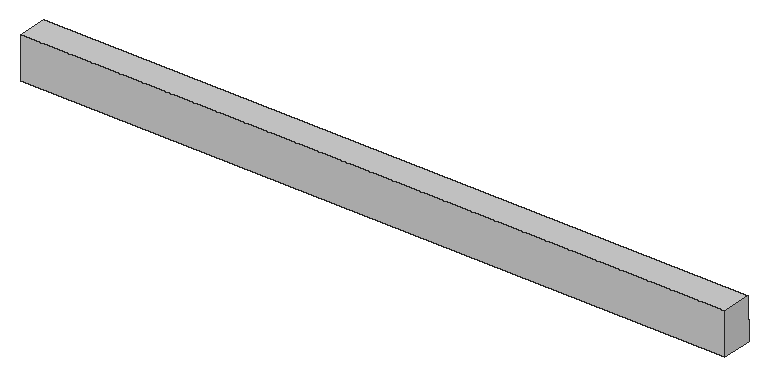
Revit family "Lum_Teto_Tubular_1_Sobrepor", category Lighting Fixtures, host Ceiling, Revit 2025
Family settings
  Host = Ceiling
  Round Connector Dimension = Use Diameter
  Part Type = Normal
  OmniClass Number = 23.80.70.11
  OmniClass Title = Luminaries for Internal Lighting
  Always vertical = Yes
  Cut with Voids When Loaded = No
  Light Source = Yes
  Maintain Annotation Orientation = No
  Shared = No
  Room Calculation Point = No
Parameters (values of type "Luminária_Tubular_Sobrepor_1_Lâmpada")
  Wattage = 9.2903 W
  built-in parameter 1150110 = 1 (stored number, unit not read)
  built-in parameter 1114217 = 1 (stored number, unit not read)
  built-in parameter 1150109 = 1 (stored number, unit not read)
  Lumi_Material = CT_Luminaria
  Lumi_Largura_Interna = Lumi_Largura - 10 mm  # 40 mm
  Lumi_Largura = 50 mm
  Lumi_Comprimento = 1200 mm
  Lumi_Altura = 70 mm
  Emit from Line Length = Lumi_Comprimento - 100 mm  # 1100 mm
  Default Elevation = 0 mm
  built-in parameter 1150134 = (empty or 0)
  built-in parameter 1150113 = 1 (stored number, unit not read)
  Lumens = 1380 lm
  built-in parameter 1150115 = 1 (stored number, unit not read)
  built-in parameter 1150105 = 439.27 (stored number, unit not read)
  Light Source Symbol Size = 30 mm
  built-in parameter 1150137 = (empty or 0)
  built-in parameter 1150139 = (empty or 0)
  built-in parameter 1150112 = 1 (stored number, unit not read)
  built-in parameter 1150114 = 1 (stored number, unit not read)
  built-in parameter 1150132 = 2
  built-in parameter 1150102 = (empty or 0)
  built-in parameter 1150138 = (empty or 0)
  built-in parameter 1150107 = 3000 (stored number, unit not read)
  built-in parameter 1150106 = 4.3927 (stored number, unit not read)
  built-in parameter 1150104 = 13.8 (stored number, unit not read)
  Dimming Lamp Color Temperature Shift = <None>
  Color Filter = 16777215
  built-in parameter 1114218 = 1 (stored number, unit not read)
  built-in parameter 1150133 = 10 (stored number, unit not read)
Reference planes
  plane 1 "Eixo de origem da luz (F/T)": y = 0
  plane 2: z = 0
  plane 3 "Eixo de origem da luz (E/D)": x = 0
  plane 4 "Forro": z = 4000
  plane 5 "Elevação da origem da luz": z = 3930
  plane 6 "Tubo_E": x = -550
  plane 7 "Tubo_D": x = 550
Forms (mm)
  Extrusion 1, solid, material "CT_Luminaria" <- "Lumi_Material"
    sketch origin (0, 0, 4000) x (0, 1, 0) y (-1, 0, 0)
      loop
        line (25, 600) -> (-25, 600) -> (-25, -600) -> (25, -600) -> (25, 600)
    from 0 to -70
  Extrusion 2, void
    sketch origin (550, 0, 0) x (0, 1, 0) y (0, 0, 1)
      loop
        line (-20, 3930) -> (20, 3930) -> (20, 3946.124)
        arc (20, 3946.124) -> (-0.003, 3948.533) -> (-20, 3946.072) r 83.356
        line (-20, 3946.072) -> (-20, 3930)
    from 0 to -1100
Dimensions and locks
  equal spacing: host sketch curve, plane 3 "Eixo de origem da luz (E/D)", host sketch curve
  equal spacing: host sketch curve, plane 1 "Eixo de origem da luz (F/T)", host sketch curve
  host sketch curve to host sketch curve = 4000 mm  (x2)
  plane 4 "Forro" to host ceiling = 0 mm
  equal spacing: Extrusion 1 sketch curve, plane 3 "Eixo de origem da luz (E/D)", Extrusion 1 sketch curve
  equal spacing: Extrusion 1 sketch curve, plane 1 "Eixo de origem da luz (F/T)", Extrusion 1 sketch curve
  "Lumi_Largura": Extrusion 1 sketch curve to Extrusion 1 sketch curve
  "Lumi_Comprimento": Extrusion 1 sketch curve to Extrusion 1 sketch curve
  equal spacing: imposter light, plane 3 "Eixo de origem da luz (E/D)", imposter light
  equal spacing: imposter light, plane 1 "Eixo de origem da luz (F/T)", imposter light
  "Lumi_Altura": plane 5 "Elevação da origem da luz" to plane 4 "Forro"
  equal spacing: plane 6 "Tubo_E", plane 3 "Eixo de origem da luz (E/D)", plane 7 "Tubo_D"
  "Emit from Line Length": imposter light to imposter light
  imposter light to imposter light = 30 mm
  "Emit from Line Length": plane 6 "Tubo_E" to plane 7 "Tubo_D"
  equal spacing: Extrusion 2 sketch curve, plane 1 "Eixo de origem da luz (F/T)", Extrusion 2 sketch curve
  "Lumi_Largura_Interna": Extrusion 2 to Extrusion 2
  aligned and locked: plane 3 "Eixo de origem da luz (E/D)" to imposter light
  aligned and locked: plane 1 "Eixo de origem da luz (F/T)" to imposter light
  aligned and locked: plane 5 "Elevação da origem da luz" to imposter light
  aligned and locked: plane 5 "Elevação da origem da luz" to Extrusion 1
  aligned and locked: Extrusion 2 to imposter light
Automatic sketch dimensions
  plane 5 "Elevação da origem da luz" to Extrusion 2 sketch curve = 0 mm
  Extrusion 2 sketch curve to plane 1 "Eixo de origem da luz (F/T)" = 0.104 mm
  plane 5 "Elevação da origem da luz" to Extrusion 2 sketch curve = 64.822 mm
  plane 1 "Eixo de origem da luz (F/T)" to Extrusion 2 sketch curve = 20 mm
  Extrusion 2 sketch curve to plane 5 "Elevação da origem da luz" = 16.072 mm
